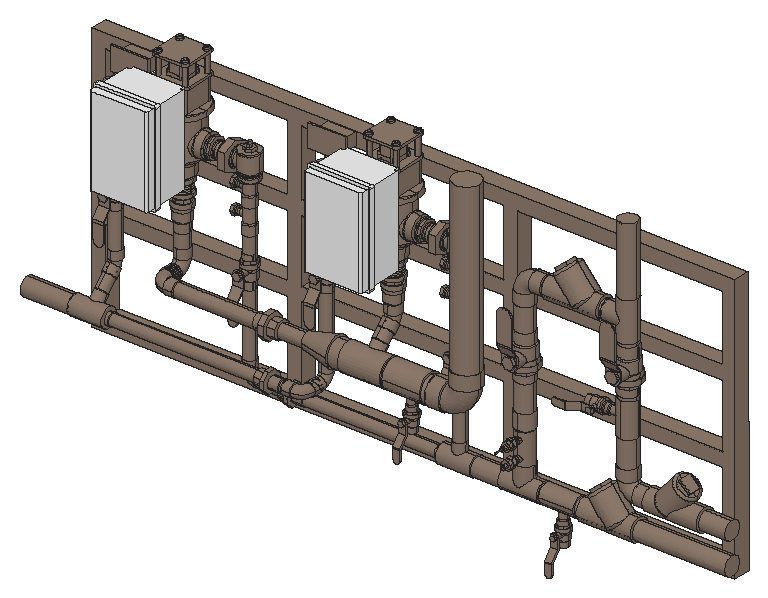
Revit family "Mixing_Valve-Leonard_Valve_Company-Megatron_NV_150_LF_2PS", category Pipe Accessories, Revit 2015 (continued)
Definition of nested family "Mixing-Valve-Nucleus_NV-150-LF"
  Forms (in)
    Sweep 2, solid, material <- "Bronze - Leonard Valve Company", detail levels fine
      path origin (0, 0, 0) x (1, 0, 0) y (0, 0, 1)
        loop
          line (0, 6.07794) -> (0, 5.82699)
      profile origin (0, 0, 5.95246) x (0, -1, 0) y (1, 0, 0)
        loop
          arc (-2.13305, -1.63111) -> (-1.98605, -1.986) -> (-1.63116, -2.133) r 0.50189
          line (-1.63116, -2.133) -> (1.63116, -2.133)
          arc (1.63116, -2.133) -> (1.98605, -1.986) -> (2.13305, -1.63111) r 0.50189
          line (2.13305, -1.63111) -> (2.13305, 1.63111)
          arc (2.13305, 1.63111) -> (1.98605, 1.986) -> (1.63116, 2.133) r 0.50189
          line (1.63116, 2.133) -> (-1.63116, 2.133)
          arc (-1.63116, 2.133) -> (-1.98605, 1.986) -> (-2.13305, 1.63111) r 0.50189
          line (-2.13305, 1.63111) -> (-2.13305, -1.63111)
    Sweep 3, solid, material <- "Bronze - Leonard Valve Company", detail levels fine
      path origin (0, 0, 0) x (1, 0, 0) y (0, 0, 1)
        loop
          line (0, 6.07794) -> (0, 7.84962)
      profile origin (0, 0, 6.96378) x (-1, 0, 0) y (0, -1, 0)
        loop
          arc (0.58009, -1.1142) -> (0.69357, -1.05731) -> (0.73829, -0.93851) r 0.17417
          arc (0.73829, -0.93851) -> (0.79399, -0.80403) -> (0.92847, -0.74833) r 0.19019
          arc (0.92847, -0.74833) -> (1.04487, -0.70481) -> (1.10417, -0.5956) r 0.17742
          line (1.10417, -0.5956) -> (1.10417, 0.5956)
          arc (1.10417, 0.5956) -> (1.04487, 0.70481) -> (0.92847, 0.74833) r 0.17742
          arc (0.92847, 0.74833) -> (0.79399, 0.80403) -> (0.73829, 0.93851) r 0.19019
          arc (0.73829, 0.93851) -> (0.69357, 1.05731) -> (0.58009, 1.1142) r 0.17417
          line (0.58009, 1.1142) -> (-0.58009, 1.1142)
          arc (-0.58009, 1.1142) -> (-0.69357, 1.05731) -> (-0.73829, 0.93851) r 0.17417
          arc (-0.73829, 0.93851) -> (-0.79399, 0.80403) -> (-0.92847, 0.74833) r 0.19019
          arc (-0.92847, 0.74833) -> (-1.04487, 0.70481) -> (-1.10417, 0.5956) r 0.17742
          line (-1.10417, 0.5956) -> (-1.10417, -0.5956)
          arc (-1.10417, -0.5956) -> (-1.04487, -0.70481) -> (-0.92847, -0.74833) r 0.17742
          arc (-0.92847, -0.74833) -> (-0.79399, -0.80403) -> (-0.73829, -0.93851) r 0.19019
          arc (-0.73829, -0.93851) -> (-0.69357, -1.05731) -> (-0.58009, -1.1142) r 0.17417
          line (-0.58009, -1.1142) -> (0.58009, -1.1142)
    Sweep 4, solid, material <- "Bronze - Leonard Valve Company", detail levels fine
      path origin (0, 0, 0) x (1, 0, 0) y (0, 0, 1)
        loop
          line (0, 6.07794) -> (0, 6.45938)
      profile origin (0, 0, 6.26866) x (-1, 0, 0) y (0, -1, 0)
        loop
          arc (0.94938, -1.1142) -> (1.05883, -1.06887) -> (1.10417, -0.95942) r 0.15479
          line (1.10417, -0.95942) -> (1.10417, 0.95942)
          arc (1.10417, 0.95942) -> (1.05883, 1.06887) -> (0.94938, 1.1142) r 0.15479
          line (0.94938, 1.1142) -> (-0.94938, 1.1142)
          arc (-0.94938, 1.1142) -> (-1.05883, 1.06887) -> (-1.10417, 0.95942) r 0.15479
          line (-1.10417, 0.95942) -> (-1.10417, -0.95942)
          arc (-1.10417, -0.95942) -> (-1.05883, -1.06887) -> (-0.94938, -1.1142) r 0.15479
          line (-0.94938, -1.1142) -> (0.94938, -1.1142)
    Sweep 5, solid, material <- "Bronze - Leonard Valve Company", detail levels fine
      path origin (-4.39662, 1.63116, 47.24409) x (-1, 0, 0) y (0, 0, 1)
        loop
          line (-2.7755, -41.16616) -> (-2.7755, -38.90764)
      profile origin (-1.62112, 1.63116, 7.2072) x (1, 0, 0) y (0, 1, 0)
        loop
          circle (0, 0) r 0.251
    Sweep 6, solid, material <- "Bronze - Leonard Valve Company", detail levels fine
      path origin (-4.39662, 1.63116, 47.24409) x (-1, 0, 0) y (0, 0, 1)
        loop
          line (-6.01773, -38.90764) -> (-6.01773, -41.16616)
      profile origin (1.62112, 1.63116, 7.2072) x (0, 1, 0) y (-1, 0, 0)
        loop
          circle (0, 0) r 0.251
    Sweep 7, solid, material <- "Bronze - Leonard Valve Company", detail levels fine
      path origin (-4.39662, -1.63116, 47.24409) x (-1, 0, 0) y (0, 0, 1)
        loop
          line (-2.7755, -38.90764) -> (-2.7755, -41.16616)
      profile origin (-1.62112, -1.63116, 7.2072) x (0, -1, 0) y (1, 0, 0)
        loop
          circle (0, 0) r 0.251
    Sweep 8, solid, material <- "Bronze - Leonard Valve Company", detail levels fine
      path origin (-4.39662, -1.63116, 47.24409) x (-1, 0, 0) y (0, 0, 1)
        loop
          line (-6.01773, -41.16616) -> (-6.01773, -38.90764)
      profile origin (1.62112, -1.63116, 7.2072) x (-1, 0, 0) y (0, -1, 0)
        loop
          circle (0, 0) r 0.251
    Sweep 9, solid, material <- "Bronze - Leonard Valve Company", detail levels fine
      path origin (0, 0, 0) x (1, 0, 0) y (0, 0, 1)
        loop
          line (0, 8.58741) -> (0, 8.33646)
      profile origin (0, 0, 8.46193) x (0, -1, 0) y (1, 0, 0)
        loop
          arc (-2.13305, -1.63111) -> (-1.98605, -1.986) -> (-1.63116, -2.133) r 0.50189
          line (-1.63116, -2.133) -> (1.63116, -2.133)
          arc (1.63116, -2.133) -> (1.98605, -1.986) -> (2.13305, -1.63111) r 0.50189
          line (2.13305, -1.63111) -> (2.13305, 1.63111)
          arc (2.13305, 1.63111) -> (1.98605, 1.986) -> (1.63116, 2.133) r 0.50189
          line (1.63116, 2.133) -> (-1.63116, 2.133)
          arc (-1.63116, 2.133) -> (-1.98605, 1.986) -> (-2.13305, 1.63111) r 0.50189
          line (-2.13305, 1.63111) -> (-2.13305, -1.63111)
    Revolve 10, solid, material <- "Bronze - Leonard Valve Company", detail levels fine
      sketch origin (-4.39662, 1.63116, 47.24409) x (-1, 0, 0) y (0, 0, 1)
        loop
          line (-2.7755, -38.39069) -> (-2.7755, -38.65669) -> (-2.39908, -38.65669) -> (-2.39908, -38.59646) -> (-2.4844, -38.59646) -> (-2.4844, -38.41578) -> (-2.52455, -38.39069) -> (-2.7755, -38.39069)
        axis (-2.7755, -38.39069) -> (-2.7755, -38.65669)
      angle from 0 to 360
    Revolve 11, solid, material <- "Bronze - Leonard Valve Company", detail levels fine
      sketch origin (-1.40981, 0.9282, 47.24409) x (-1, 0, 0) y (0, 0, 1)
        loop
          line (-0.33073, -40.78472) -> (-0.33073, -40.594) -> (-0.49164, -40.594) -> (-0.49164, -40.78472) -> (-0.33073, -40.78472)
        axis (-0.49164, -40.594) -> (-0.49164, -40.78472)
      angle from 0 to 360
    Revolve 12, solid, material <- "Bronze - Leonard Valve Company", detail levels fine
      sketch origin (-1.40981, 0.9282, 47.24409) x (-1, 0, 0) y (0, 0, 1)
        loop
          line (-2.32797, -40.78472) -> (-2.32797, -40.594) -> (-2.48888, -40.594) -> (-2.48888, -40.78472) -> (-2.32797, -40.78472)
        axis (-2.32797, -40.594) -> (-2.32797, -40.78472)
      angle from 0 to 360
    Revolve 13, solid, material <- "Bronze - Leonard Valve Company", detail levels fine
      sketch origin (-1.40981, -0.9282, 47.24409) x (-1, 0, 0) y (0, 0, 1)
        loop
          line (-0.49164, -40.594) -> (-0.49164, -40.78472) -> (-0.33073, -40.78472) -> (-0.33073, -40.594) -> (-0.49164, -40.594)
        axis (-0.49164, -40.594) -> (-0.49164, -40.78472)
      angle from 0 to 360
    Revolve 14, solid, material <- "Bronze - Leonard Valve Company", detail levels fine
      sketch origin (-1.40981, -0.9282, 47.24409) x (-1, 0, 0) y (0, 0, 1)
        loop
          line (-2.32797, -40.594) -> (-2.48888, -40.594) -> (-2.48888, -40.78472) -> (-2.32797, -40.78472) -> (-2.32797, -40.594)
        axis (-2.32797, -40.594) -> (-2.32797, -40.78472)
      angle from 0 to 360
    Revolve 15, solid, material <- "Bronze - Leonard Valve Company", detail levels fine
      sketch origin (0, 0, 0) x (1, 0, 0) y (0, 0, 1)
        loop
          line (0, 2.44924) -> (0, -4.45682) -> (0, -8.72794) -> (0.80711, -8.72794) -> (0.80711, -6.91108) -> (0.91847, -6.91108) -> (1.25975, -6.75047) -> (1.25975, -6.38409) -> (1.01229, -6.38409) -> (0.90843, -6.32891) -> (1.07061, -6.24275) -> (0.90843, -6.15659) -> (1.07061, -6.07043) -> (0.90843, -5.98427) -> (1.07061, -5.89811) -> (0.90843, -5.81195) -> (1.07061, -5.72579) -> (0.90843, -5.63963) -> (1.07061, -5.55346) -> (0.90843, -5.4673) -> (1.07061, -5.38114) -> (0.90843, -5.29498) -> (1.00881, -5.23475) -> (1.23968, -5.23475) -> (1.23968, -4.83324)
          arc (1.23968, -4.83324) -> (1.17147, -4.80506) -> (1.11922, -4.75294) r 0.18931
          line (1.11922, -4.75294) -> (0.99877, -4.75294) -> (1.20956, -4.63248) -> (0.99375, -4.51705) -> (1.09413, -4.45682) -> (1.42036, -4.45682) -> (1.45437, -3.20146) -> (1.63172, -2.53958)
          arc (1.63172, -2.53958) -> (1.67655, -2.47436) -> (1.75161, -2.44924) r 0.12472
          line (1.75161, -2.44924) -> (2.17084, -2.44924)
          arc (2.17084, -2.44924) -> (2.28253, -2.40298) -> (2.32879, -2.29129) r 0.15795
          line (2.32879, -2.29129) -> (2.32879, 2.44924) -> (0, 2.44924)
        axis (0, 2.44924) -> (0, -8.72794)
      angle from 0 to 360
    Revolve 16, solid, material <- "Bronze - Leonard Valve Company", detail levels fine
      sketch origin (0, 0, 0) x (1, 0, 0) y (0, 0, 1)
        loop
          line (-1.23968, -2.49943) -> (-1.84697, -2.49943) -> (-1.84697, -2.69943) -> (-1.89215, -2.72147) -> (-1.97244, -2.72147) -> (-1.97244, -2.95114) -> (-1.23968, -2.95114) -> (-1.23968, -2.49943)
        axis (-1.23968, -2.95114) -> (-1.97244, -2.95114)
      angle from 0 to 360
    Sweep 17, solid, material <- "Bronze - Leonard Valve Company", detail levels fine
      path origin (0, 0, 0) x (1, 0, 0) y (0, 0, 1)
        loop
          line (-1.97244, -2.95114) -> (-2.21335, -2.95114)
      profile origin (-2.0929, 0, -2.95114) x (0, 0, -1) y (0, -1, 0)
        loop
          line (-0.32623, -0.13513) -> (-0.13513, -0.32623) -> (0.13513, -0.32623) -> (0.32623, -0.13513) -> (0.32623, 0.13513) -> (0.13513, 0.32623) -> (-0.13513, 0.32623) -> (-0.32623, 0.13513) -> (-0.32623, -0.13513)
    Revolve 18, solid, material <- "Bronze - Leonard Valve Company", detail levels fine
      sketch origin (0, 0, 0) x (1, 0, 0) y (0, 0, 1)
        loop
          line (-2.21335, -2.82566) -> (-2.28362, -2.82566) -> (-2.34384, -2.76544) -> (-2.34384, -2.95114) -> (-2.21335, -2.95114) -> (-2.21335, -2.82566)
        axis (-2.21335, -2.95114) -> (-2.34384, -2.95114)
      angle from 0 to 360
    Revolve 19, solid, material <- "Bronze - Leonard Valve Company", detail levels fine
      sketch origin (0, 0, 0) x (1, 0, 0) y (0, 0, 1)
        loop
          line (-2.7554, -2.7303) -> (-2.81563, -2.7303) -> (-2.81563, -2.88589) -> (-3.81941, -2.88589) -> (-3.81941, -2.95114) -> (-2.7554, -2.95114) -> (-2.7554, -2.7303)
        axis (-2.7554, -2.95114) -> (-3.81941, -2.95114)
      angle from 0 to 360
    Sweep 20, solid, material <- "Bronze - Leonard Valve Company", detail levels fine
      path origin (0, 0, 0) x (1, 0, 0) y (0, 0, 1)
        loop
          line (-2.7554, -2.95114) -> (-2.34384, -2.95114)
      profile origin (-2.54962, 0, -2.95114) x (0, 0, 1) y (0, -1, 0)
        loop
          line (0.25597, 0.10602) -> (0.10602, 0.25597) -> (-0.10602, 0.25597) -> (-0.25597, 0.10602) -> (-0.25597, -0.10602) -> (-0.10602, -0.25597) -> (0.10602, -0.25597) -> (0.25597, -0.10602) -> (0.25597, 0.10602)
    Revolve 21, solid, material <- "Bronze - Leonard Valve Company", detail levels fine
      sketch origin (-4.39662, 1.63116, 47.24409) x (-1, 0, 0) y (0, 0, 1)
        loop
          line (-6.39462, -38.65669) -> (-6.01773, -38.65669) -> (-6.01773, -38.39069) -> (-6.26868, -38.39069) -> (-6.30883, -38.41578) -> (-6.30883, -38.59646) -> (-6.39462, -38.59646) -> (-6.39462, -38.65669)
        axis (-6.01773, -38.39069) -> (-6.01773, -38.65669)
      angle from 0 to 360
    Revolve 22, solid, material <- "Bronze - Leonard Valve Company", detail levels fine
      sketch origin (-4.39662, -1.63116, 47.24409) x (-1, 0, 0) y (0, 0, 1)
        loop
          line (-2.39908, -38.65669) -> (-2.39908, -38.59646) -> (-2.4844, -38.59646) -> (-2.4844, -38.41578) -> (-2.52455, -38.39069) -> (-2.7755, -38.39069) -> (-2.7755, -38.65669) -> (-2.39908, -38.65669)
        axis (-2.7755, -38.39069) -> (-2.7755, -38.65669)
      angle from 0 to 360
    Revolve 23, solid, material <- "Bronze - Leonard Valve Company", detail levels fine
      sketch origin (-4.39662, -1.63116, 47.24409) x (-1, 0, 0) y (0, 0, 1)
        loop
          line (-6.39462, -38.65669) -> (-6.01773, -38.65669) -> (-6.01773, -38.39069) -> (-6.26868, -38.39069) -> (-6.30883, -38.41578) -> (-6.30883, -38.59646) -> (-6.39462, -38.59646) -> (-6.39462, -38.65669)
        axis (-6.01773, -38.39069) -> (-6.01773, -38.65669)
      angle from 0 to 360
    Sweep 24, solid, material <- "Bronze - Leonard Valve Company", detail levels fine
      path origin (0, 0, 0) x (1, 0, 0) y (0, 0, 1)
        loop
          line (0, 5.82699) -> (0, 3.09669)
      profile origin (0, 0, 4.46184) x (0, -1, 0) y (1, 0, 0)
        loop
          arc (-1.88215, -1.62106) -> (-1.80864, -1.79855) -> (-1.63115, -1.87206) r 0.251
          line (-1.63115, -1.87206) -> (1.63121, -1.87206)
          arc (1.63121, -1.87206) -> (1.80865, -1.79856) -> (1.88215, -1.62112) r 0.25095
          line (1.88215, -1.62112) -> (1.88215, 1.62112)
          arc (1.88215, 1.62112) -> (1.80865, 1.79856) -> (1.63121, 1.87206) r 0.25095
          line (1.63121, 1.87206) -> (-1.63121, 1.87206)
          arc (-1.63121, 1.87206) -> (-1.80865, 1.79856) -> (-1.88215, 1.62112) r 0.25095
          line (-1.88215, 1.62112) -> (-1.88215, -1.62106)
  Lines and regions (in)
    model lines, detail levels coarse+medium
      curve 1: line (8.04034, 0, -2.39403) -> (8.04034, 0, -0.37391)
      curve 2: line (8.04034, 0, -0.37391) -> (0, 0, -0.37391)
  Dimensions and locks (in)
    equal spacing: Sweep 17 sketch curve, plane 1 "Center (Front/Back)", Sweep 17 sketch curve
    locked: Sweep 17 sketch curve to Sweep 17 sketch curve at 0.65246
    plane 6 to plane 16 to plane 14 to plane 4 to plane 20 to plane 22 to plane 23 to plane 21 to plane 5 to plane 15 to plane 17 to plane 7 to plane 31 = 0.4768" locked, 0.41173" locked, 0.13031" locked, 0.4607" locked, 0.4350" locked, 0.4370" locked, 0.4350" locked, 0.4607" locked, 0.13031" locked, 0.28626" locked, 0.12547" locked, 0.4768" locked
    radius of Sweep 2 sketch curve = 0.50189"  (x4)
    radius of Sweep 4 sketch curve = 0.15479"  (x4)
    radius of Sweep 3 sketch curve = 0.17742"  (x4)
    radius of Sweep 3 sketch curve = 0.19019"  (x4)
    radius of Sweep 3 sketch curve = 0.17417"  (x4)
    radius of Sweep 5 sketch curve = 0.2510"
    radius of Sweep 6 sketch curve = 0.2510"
    radius of Sweep 7 sketch curve = 0.2510"
    radius of Sweep 8 sketch curve = 0.2510"
    radius of Sweep 9 sketch curve = 0.50189"  (x4)
    radius of Sweep 24 sketch curve = 0.2510"
    radius of Sweep 24 sketch curve = 0.25095"  (x3)
    aligned and locked: level to plane 2
    aligned and locked: plane 19 to nested 1
    aligned and locked: plane 24 to nested 2
    aligned and locked: plane 18 to nested 1
    aligned and locked: nested 2 to plane 1 "Center (Front/Back)"
    aligned and locked: plane 40 to Sweep 9 sketch curve
    aligned and locked: plane 41 to Sweep 9 sketch curve
    aligned and locked: Sweep 9 sketch curve to plane 3 "Center (Left/Right)"
    aligned and locked: plane 42 to Sweep 2 sketch curve
    aligned and locked: plane 43 to Sweep 2 sketch curve
    aligned and locked: Sweep 2 sketch curve to plane 3 "Center (Left/Right)"
    aligned and locked: plane 43 to Sweep 24 sketch curve
    aligned and locked: Sweep 24 sketch curve to plane 3 "Center (Left/Right)"
    aligned and locked: plane 44 to Sweep 24 sketch curve
    aligned and locked: plane 25 to Sweep 17 sketch curve
    aligned and locked: plane 26 to Sweep 17 sketch curve
    aligned and locked: plane 45 to Sweep 17 sketch curve
    aligned and locked: plane 46 to Sweep 20 sketch curve
    aligned and locked: plane 27 to Sweep 20 sketch curve
    aligned and locked: Sweep 20 sketch curve to plane 45
    aligned and locked: plane 37 to nested 2
  Nested families (in)
    nested 1: "Mixing-Valve_Nucleus_NV-150-LF_Side" at (1.77169, 0, -0.5571), type "Mixing-Valve_Nucleus_NV-150-LF_Side", detail levels fine
    nested 2: "Mixing-Valve_Nucleus_NV-150-LF_Side" at (-1.75161, 0, 0.99374) x (-1, 0, 0) z (0, 0, 1), type "Mixing-Valve_Nucleus_NV-150-LF_Side", detail levels fine
  Definition of nested family "Mixing-Valve_Nucleus_NV-150-LF_Side"
    Parameters (values of type "Mixing-Valve_Leonard-Valve-Company_NV-150-LF_Side")
      Material = none
      Default Elevation = 48.0000"
    Reference planes (in)
      plane 1 "Center (Front/Back)": y = 0
      plane 2: z = 0
      plane 3 "Center (Left/Right)": x = 0
      plane 4: y = 1.1142
      plane 5: y = -1.1142
      plane 6: x = 0.36131
      plane 7: x = 1.12424
      plane 8: y = -1.65625
      plane 9: y = 1.63116
      plane 10: y = -1.63116
      plane 11: y = 0.9282
      plane 12: y = -0.9282
      plane 13: x = 0.5571
      plane 14: x = 4.74792
      plane 15: z = 0
      plane 16: x = 1.92225
      plane 17: x = 2.32879
      plane 18: y = 1.24452
      plane 19: y = -1.24452
      plane 20: x = 3.77926
      plane 21: x = 4.63248
      plane 22: y = -1.53078
      plane 23: x = 6.26866
      plane 24: z = 2.20331
      plane 25: z = -1.83693
      plane 26: x = 7.52339
      plane 27: z = 1.62112
      plane 28: y = 0.6535
      plane 29: y = -0.6535
      plane 30: x = 5.70152
      plane 31: x = 6.8358
      plane 32: z = 1.31998
      plane 33: y = 0.2185
      plane 34: y = -0.2185
      plane 35: x = 6.01771
      plane 36: x = 6.5196
      plane 37: z = 1.95237
      plane 38: y = 0.25597
      plane 39: y = -0.25597
      plane 40: z = 1.24452
      plane 41: z = -1.24452
      plane 42: z = 1.5046
      plane 43: x = 1.96742
      plane 44: x = 3.92481
      plane 45: x = 4.39659
      plane 46: x = 3.64375
      plane 47: z = -1.65625
      plane 48: z = 1.21975
      plane 49: x = 4.3464
      plane 50: y = 1.65625
    Forms (in)
      Revolve 1, solid, material <- "Material"
        sketch origin (-1.77169, 0, 0.5571) x (1, 0, 0) y (0, 0, 1)
          loop
            arc (2.37894, 0.90341) -> (2.34621, 0.91675) -> (2.32879, 0.9475) r 0.0539
            line (2.32879, 0.9475) -> (1.77169, 0.9475) -> (1.77169, -0.5571) -> (3.69394, -0.5571) -> (3.69394, 0.68742)
            arc (3.69394, 0.68742) -> (3.67061, 0.61617) -> (3.61866, 0.56212) r 0.16831
            line (3.61866, 0.56212) -> (3.61866, 0.44167) -> (3.4982, 0.64744) -> (3.38277, 0.43665) -> (3.32254, 0.53201) -> (3.32254, 0.85322) -> (2.37894, 0.90341)
          axis (1.77169, -0.5571) -> (3.69394, -0.5571)
        angle from 0 to 360
      Sweep 2, solid, material <- "Material"
        path origin (-1.77169, 0, 0.5571) x (1, 0, 0) y (0, 0, 1)
          loop
            line (3.69394, -0.5571) -> (4.10047, -0.5571)
        profile origin (2.12552, 0, 0) x (0, 0, 1) y (0, -1, 0)
          loop
            line (0, -1.24452) -> (0.88001, -0.88001) -> (1.24452, 0) -> (0.88001, 0.88001) -> (0, 1.24452) -> (-0.88001, 0.88001) -> (-1.24452, 0) -> (-0.88001, -0.88001) -> (0, -1.24452)
      Revolve 3, solid, material <- "Material"
        sketch origin (-1.77169, 0, 0.5571) x (1, 0, 0) y (0, 0, 1)
          loop
            line (3.73911, 0.30616) -> (3.73911, -0.5571) -> (5.6965, -0.5571) -> (5.6965, 0.30616) -> (5.66136, 0.36638) -> (5.566, 0.2108) -> (5.48068, 0.3714) -> (5.38532, 0.21581) -> (5.3, 0.37642) -> (5.20464, 0.21581) -> (5.1143, 0.37642) -> (5.02396, 0.22083) -> (4.93362, 0.38144) -> (4.88845, 0.30616) -> (4.88845, 0.38144)
            arc (4.88845, 0.38144) -> (4.7178, 0.40152) -> (4.54716, 0.38144) r 0.73527
            line (4.54716, 0.38144) -> (4.54716, 0.30616) -> (4.49697, 0.38144) -> (4.41165, 0.22083) -> (4.31629, 0.37642) -> (4.23097, 0.21581) -> (4.13561, 0.37642) -> (4.05028, 0.21581) -> (3.95492, 0.3714) -> (3.86458, 0.2108) -> (3.77424, 0.36638) -> (3.73911, 0.30616)
          axis (3.73911, -0.5571) -> (5.6965, -0.5571)
        angle from 0 to 360
      Revolve 4, solid, material <- "Material"
        sketch origin (-1.77169, 0, 0.5571) x (1, 0, 0) y (0, 0, 1)
          loop
            line (5.74167, 0.57216) -> (5.45559, 0.57216) -> (5.41544, 0.53201) -> (5.41544, -0.5571) -> (6.16828, -0.5571) -> (6.16828, 0.49687)
            arc (6.16828, 0.49687) -> (6.05206, 0.52712) -> (5.93239, 0.53703) r 0.69887
            line (5.93239, 0.53703) -> (5.93239, 0.66265) -> (5.74167, 0.66265) -> (5.74167, 0.57216)
          axis (5.41544, -0.5571) -> (6.16828, -0.5571)
        angle from 0 to 360
      Sweep 5, solid, material <- "Material"
        path origin (-1.77169, 0, 0.5571) x (1, 0, 0) y (0, 0, 1)
          loop
            line (5.55095, -0.5571) -> (6.40417, -0.5571)
        profile origin (4.20587, 0, 0) x (0, 0, 1) y (0, -1, 0)
          loop
            line (0.95624, -1.65625) -> (1.65625, 0) -> (0.95624, 1.65625) -> (-0.95624, 1.65625) -> (-1.65625, 0) -> (-0.95624, -1.65625) -> (0.95624, -1.65625)
      Revolve 6, solid, material <- "Material"
        sketch origin (-1.77169, 0, 0.5571) x (1, 0, 0) y (0, 0, 1)
          loop
            line (8.04034, -2.39403) -> (9.0852, -2.39403)
            arc (9.0852, -2.39403) -> (9.13726, -2.37247) -> (9.15882, -2.32041) r 0.07362
            line (9.15882, -2.32041) -> (9.15882, -1.8819)
            arc (9.15882, -1.8819) -> (9.14316, -1.83753) -> (9.10312, -1.81282) r 0.07069
            arc (9.10312, -1.81282) -> (9.0829, -1.80918) -> (9.06422, -1.80064) r 0.08212
            arc (9.06422, -1.80064) -> (9.03128, -1.76638) -> (9.01928, -1.72039) r 0.09411
            line (9.01928, -1.72039) -> (9.01928, -1.63116)
            arc (9.01928, -1.63116) -> (9.06326, -1.52482) -> (9.16951, -1.48064) r 0.15052
            arc (9.16951, -1.48064) -> (9.2583, -1.44389) -> (9.29508, -1.35511) r 0.12552
            line (9.29508, -1.35511) -> (9.29508, 0.58702) -> (9.28722, 0.62867) -> (9.28722, 0.76288) -> (8.04034, 0.76288) -> (8.04034, -2.39403)
          axis (8.04034, -2.39403) -> (8.04034, 0.76288)
        angle from 0 to 360
      Revolve 7, solid, material <- "Material"
        sketch origin (-1.77169, 0, 0.4121) x (1, 0, 0) y (0, 0, 1)
          loop
            line (6.43551, 0.71197) -> (6.40662, 0.63239) -> (6.37773, 0.71197) -> (6.34884, 0.63239) -> (6.31995, 0.71197) -> (6.29106, 0.63239) -> (6.26218, 0.71197) -> (6.23329, 0.63239) -> (6.2044, 0.71197) -> (6.17551, 0.63239) -> (6.14662, 0.71197) -> (6.11809, 0.63336) -> (6.11809, -0.4121) -> (7.4732, -0.4121) -> (7.4732, 0.52699) -> (6.78561, 0.52699)
            arc (6.78561, 0.52699) -> (6.64644, 0.41649) -> (6.52001, 0.54136) r 0.13397
            line (6.52001, 0.54136) -> (6.52001, 0.64744) -> (6.49197, 0.71246) -> (6.46439, 0.63239) -> (6.43551, 0.71197)
          axis (6.11809, -0.4121) -> (7.4732, -0.4121)
        angle from 0 to 360
      Sweep 8, solid, material <- "Material"
        path origin (-1.77169, 0, 0.5571) x (1, 0, 0) y (0, 0, 1)
          loop
            line (8.04034, 1.06402) -> (8.04034, 0.76288)
        profile origin (6.26866, 0, 1.47055) x (0, -1, 0) y (1, 0, 0)
          loop
            line (-0.6535, 0) -> (-0.32751, -0.56714) -> (0.32751, -0.56714) -> (0.6535, 0) -> (0.32461, 0.56714) -> (-0.32461, 0.56714) -> (-0.6535, 0)
      Sweep 9, solid, material <- "Material"
        path origin (-1.77169, 0, 0.5571) x (1, 0, 0) y (0, 0, 1)
          loop
            line (8.04034, 1.39527) -> (8.04034, 1.06402)
        profile origin (6.26866, 0, 1.78674) x (0, -1, 0) y (1, 0, 0)
          loop
            line (-0.2185, 0.12615) -> (-0.2185, -0.12615) -> (0, -0.2523) -> (0.2185, -0.12615) -> (0.2185, 0.12615) -> (0, 0.2523) -> (-0.2185, 0.12615)
      Sweep 10, solid, material <- "Material"
        path origin (-1.77169, 0, 0.5571) x (1, 0, 0) y (0, 0, 1)
          loop
            line (8.04034, 1.64621) -> (8.04034, 1.39527)
        profile origin (6.26866, 0, 2.07784) x (0, -1, 0) y (1, 0, 0)
          loop
            circle (0, 0) r 0.181
    Dimensions and locks (in)
      locked: Sweep 5 sketch curve to Sweep 5 sketch curve at 3.3125
      plane 24 to plane 37 to plane 27 to plane 42 to plane 32 to plane 40 to plane 48 to plane 41 to plane 47 to plane 25 = 0.25095" locked, 0.33125" locked, 0.11652" locked, 0.18462" locked, 0.07546" locked, 0.02477" locked, 2.46427" locked, 0.41173" locked, 0.18068" locked
      plane 26 to plane 31 to plane 36 to plane 23 to plane 35 to plane 30 to plane 14 to plane 21 to plane 45 to plane 49 to plane 44 to plane 20 to plane 46 to plane 17 to plane 43 to plane 16 to plane 7 to plane 13 to plane 6 to plane 3 "Center (Left/Right)" = 0.68759" locked, 0.31619" locked, 0.25095" locked, 0.25095" locked, 0.31619" locked, 0.9536" locked, 0.11544" locked, 0.23589" locked, 0.05019" locked, 0.42159" locked, 0.14555" locked, 0.13551" locked, 1.31496" locked, 0.36136" locked, 0.04517" locked, 0.79801" locked, 0.56714" locked, 0.19579" locked, 0.36131" locked
      radius of Sweep 10 sketch curve = 0.1810"
      aligned and locked: level to plane 2
      aligned and locked: plane 3 "Center (Left/Right)" to Revolve 1 sketch curve
      aligned and locked: plane 15 to Revolve 1 sketch curve
      aligned and locked: plane 16 to Revolve 1 sketch curve
      aligned and locked: plane 16 to Sweep 2 sketch curve
      aligned and locked: plane 17 to Sweep 2 sketch curve
      aligned and locked: Sweep 2 sketch curve to plane 15
      aligned and locked: Revolve 1 sketch curve to Revolve 1 sketch curve
      aligned and locked: plane 42 to Revolve 1 sketch curve
      aligned and locked: plane 18 to Sweep 2 sketch curve
      aligned and locked: plane 41 to Sweep 2 sketch curve
      aligned and locked: plane 19 to Sweep 2 sketch curve
      aligned and locked: plane 40 to Sweep 2 sketch curve
      aligned and locked: Revolve 3 sketch curve to plane 43
      aligned and locked: plane 15 to Revolve 3 sketch curve
      aligned and locked: plane 44 to Revolve 3 sketch curve
      aligned and locked: plane 46 to Revolve 4 sketch curve
      aligned and locked: Revolve 4 sketch curve to plane 45
      aligned and locked: Revolve 4 sketch curve to plane 15
      aligned and locked: plane 20 to Sweep 5 sketch curve
      aligned and locked: plane 21 to Sweep 5 sketch curve
      aligned and locked: Sweep 5 sketch curve to plane 15
      aligned and locked: plane 8 to Sweep 5 sketch curve
      aligned and locked: plane 47 to Sweep 5 sketch curve
      aligned and locked: Revolve 4 sketch curve to plane 48
      aligned and locked: Revolve 7 sketch curve to plane 49
      aligned and locked: plane 30 to Revolve 7 sketch curve
      aligned and locked: Revolve 7 sketch curve to plane 15
      aligned and locked: Revolve 7 sketch curve to level
      aligned and locked: plane 32 to Revolve 6 sketch curve
      aligned and locked: plane 26 to Revolve 6 sketch curve
      aligned and locked: Revolve 6 sketch curve to plane 25
      aligned and locked: Revolve 6 sketch curve to plane 23
      aligned and locked: plane 23 to Revolve 6 sketch curve
      aligned and locked: plane 27 to Sweep 8 sketch curve
      aligned and locked: plane 23 to Sweep 8 sketch curve
      aligned and locked: plane 32 to Sweep 8 sketch curve
      aligned and locked: plane 28 to Sweep 8 sketch curve
      aligned and locked: Sweep 8 sketch curve to plane 31
      aligned and locked: plane 30 to Sweep 8 sketch curve
      aligned and locked: plane 29 to Sweep 8 sketch curve
      aligned and locked: plane 37 to Sweep 9 sketch curve
      aligned and locked: plane 27 to Sweep 9 sketch curve
      aligned and locked: plane 23 to Sweep 9 sketch curve
      aligned and locked: Sweep 9 sketch curve to plane 33
      aligned and locked: Sweep 9 sketch curve to plane 34
      aligned and locked: plane 23 to Sweep 10 sketch curve
      aligned and locked: plane 24 to Sweep 10 sketch curve
      aligned and locked: plane 37 to Sweep 10 sketch curve
      aligned and locked: plane 50 to Sweep 5 sketch curve
    Connectors (in)
      piping at (1.55085, 0, 0), diameter 2
        settings: on Revolve 1, index 1, connector inside diameter 609.6 mm, connector length 0.0000", flow factor 0, pipe flow 0.0 L/s, pressure drop 0.0 Pa, fitting loss kfactor 0, connector angle 0.00°, fixture units 0, engagement length 0.0000", angle of deflection 0.00°, flow configuration 0, flow direction 0, fitting loss method 0, system type 7, joint type 0, gender type 0, connector reference index -1, connector utility 0, adjustable connector no, is connector primary yes, connector description ""
